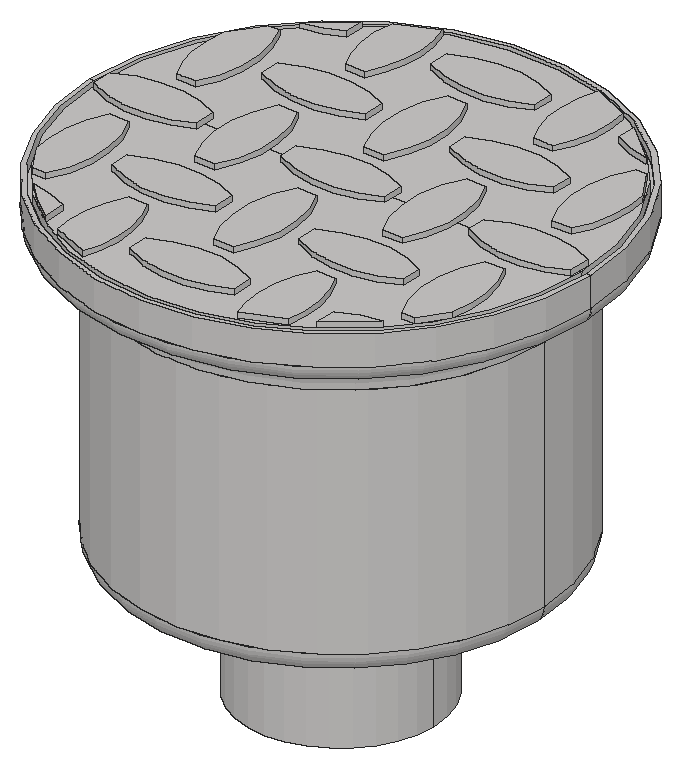
Revit family
Parameters (values of type "9646-2"")
  Width = 6"
  Waste Connection Radius = 1"
  Waste Connection Diameter = Waste Connection Radius * 2  # 2"
  Waste Connection = yes
  Vent Connection = no
  URL = "www.jrsmith.com"
  Price = "Prices may vary. Please consult Manufacturer Representative for most up-to-date price list."  # constant formula
  Phone Number = "416-250-5656"  # constant formula
  Omniclass Table 23 Title = "Waste Water Drains"  # constant formula
  Omniclass Table 23 Code = "23.70.50.21.24"  # constant formula
  Model = "9646-2\""
  Material = Metal-Jay R Smith-Stainless Steel
  Masterformat Title = "Sanitary Drains"  # constant formula
  Masterformat Number = "22 13 19.13"  # constant formula
  Manufacturer = "Jay R. Smith"
  Length = Width  # 6"
  Height = 5 7/8"
  HW Connection = no
  Description = "6\" Round general purpose cleanout."
  Default Elevation = 0"
  Creation Date = "31/10/2014"  # constant formula
  Created By = "Allied Technical Services"  # constant formula
  CW Connection = no
  Assembly Code = "D2030300"
  ATS URL = "http://www.atsspec.net"
Types (4): name | Waste Connection Radius | Waste Connection Diameter | Model
  (no name) | 1" | 2" | "9646-2\""
  9646-2" | 1" | 2" | "9646-2\""
  9646-3" | 1 1/2" | 3" | "9646-3\""
  9646-4" | 2" | 4" | "9646-4\""
Reference planes (in)
  plane 1 "Center (Front/Back)": y = 0
  plane 2: z = 0
  plane 3 "Center (Left/Right)": x = 0
  plane 4: x = -3
  plane 5: x = 3
  plane 6: z = 1.5
  plane 7: x = -1
  plane 8: x = 1
  plane 9: z = 5.5625
  plane 10: z = 5.5
  plane 11: x = 0
Forms (in)
  Revolve 1, solid, material "Metal-Jay R Smith-Stainless Steel" <- "Material"
    sketch origin (0, 0, 0) x (1, 0, 0) y (0, 0, 1)
      loop
        line (-3, 5.5) -> (-3, 5.14194)
        arc (-3, 5.14194) -> (-2.93828, 4.99293) -> (-2.78926, 4.9312) r 0.21074
        arc (-2.78926, 4.9312) -> (-2.54619, 4.83052) -> (-2.44551, 4.58745) r 0.34375
        line (-2.44551, 4.58745) -> (-2.44551, 1.75)
        arc (-2.44551, 1.75) -> (-2.37228, 1.57322) -> (-2.19551, 1.5) r 0.25
        line (-2.19551, 1.5) -> (-1.125, 1.5) -> (-1.125, 0) -> (-1, 0) -> (-1, 5.16937) -> (0, 5.16937) -> (0, 5.5) -> (-2.89532, 5.5) -> (-2.89532, 5.37888) -> (-2.94775, 5.37888) -> (-2.94775, 5.5) -> (-3, 5.5)
      axis (0, 5.5) -> (0, 0)
    angle from 0 to 360
  Extrusion 2, solid, material "Metal-Jay R Smith-Stainless Steel" <- "Material"
    sketch origin (-10.3649, -9.98959, -0.375) x (1, 0, 0) y (0, 1, 0)
      loop
        arc (10.4821, 10.49267) -> (10.6469, 11.11767) -> (10.4821, 11.74267) r 1.26755
        line (10.4821, 11.74267) -> (10.2477, 11.74267)
        arc (10.2477, 11.74267) -> (10.0829, 11.11767) -> (10.2477, 10.49267) r 1.26755
        line (10.2477, 10.49267) -> (10.4821, 10.49267)
      loop
        arc (10.4821, 8.24267) -> (10.6469, 8.86767) -> (10.4821, 9.49267) r 1.26755
        line (10.4821, 9.49267) -> (10.2477, 9.49267)
        arc (10.2477, 9.49267) -> (10.0829, 8.86767) -> (10.2477, 8.24267) r 1.26755
        line (10.2477, 8.24267) -> (10.4821, 8.24267)
      loop
        arc (9.3571, 9.36767) -> (9.5219, 9.99267) -> (9.3571, 10.61767) r 1.26755
        line (9.3571, 10.61767) -> (9.1227, 10.61767)
        arc (9.1227, 10.61767) -> (8.9579, 9.99267) -> (9.1227, 9.36767) r 1.26755
        line (9.1227, 9.36767) -> (9.3571, 9.36767)
      loop
        arc (9.35097, 11.61813) -> (9.51197, 12.14695) -> (9.43253, 12.694) r 1.26733
        arc (9.43253, 12.694) -> (9.20357, 12.60467) -> (8.98302, 12.49622) r 2.89154
        arc (8.98302, 12.49622) -> (8.97347, 12.04452) -> (9.12288, 11.61813) r 1.26812
        line (9.12288, 11.61813) -> (9.35097, 11.61813)
      loop
        arc (8.2321, 8.24267) -> (8.3969, 8.86767) -> (8.2321, 9.49267) r 1.26755
        line (8.2321, 9.49267) -> (7.9977, 9.49267)
        arc (7.9977, 9.49267) -> (7.84436, 9.03772) -> (7.87121, 8.55838) r 1.26755
        arc (7.87121, 8.55838) -> (7.96991, 8.3971) -> (8.079, 8.24267) r 2.875
        line (8.079, 8.24267) -> (8.2321, 8.24267)
      loop
        arc (8.2321, 10.49267) -> (8.3969, 11.11767) -> (8.2321, 11.74267) r 1.26755
        line (8.2321, 11.74267) -> (8.09855, 11.74267)
        arc (8.09855, 11.74267) -> (7.97452, 11.57243) -> (7.86329, 11.39358) r 2.875
        arc (7.86329, 11.39358) -> (7.84677, 10.93063) -> (7.9977, 10.49267) r 1.26755
        line (7.9977, 10.49267) -> (8.2321, 10.49267)
      loop
        line (9.7399, 12.35987) -> (9.7399, 12.12547)
        arc (9.7399, 12.12547) -> (10.3649, 11.96067) -> (10.9899, 12.12547) r 1.26755
        line (10.9899, 12.12547) -> (10.9899, 12.35987)
        arc (10.9899, 12.35987) -> (10.3649, 12.52467) -> (9.7399, 12.35987) r 1.26755
      loop
        line (8.6149, 11.23487) -> (8.6149, 11.00047)
        arc (8.6149, 11.00047) -> (9.2399, 10.83567) -> (9.8649, 11.00047) r 1.26755
        line (9.8649, 11.00047) -> (9.8649, 11.23487)
        arc (9.8649, 11.23487) -> (9.2399, 11.39967) -> (8.6149, 11.23487) r 1.26755
      loop
        line (9.7399, 10.10987) -> (9.7399, 9.87547)
        arc (9.7399, 9.87547) -> (10.3649, 9.71067) -> (10.9899, 9.87547) r 1.26755
        line (10.9899, 9.87547) -> (10.9899, 10.10987)
        arc (10.9899, 10.10987) -> (10.3649, 10.27467) -> (9.7399, 10.10987) r 1.26755
      loop
        arc (7.50291, 9.86819) -> (8.12235, 9.71069) -> (8.7399, 9.87547) r 1.26755
        line (8.7399, 9.87547) -> (8.7399, 10.10987)
        arc (8.7399, 10.10987) -> (8.12251, 10.27464) -> (7.50318, 10.11729) r 1.26755
        arc (7.50318, 10.11729) -> (7.50035, 9.99274) -> (7.50291, 9.86819) r 2.875
      loop
        line (8.6149, 8.98487) -> (8.6149, 8.75047)
        arc (8.6149, 8.75047) -> (9.2399, 8.58567) -> (9.8649, 8.75047) r 1.26755
        line (9.8649, 8.75047) -> (9.8649, 8.98487)
        arc (9.8649, 8.98487) -> (9.2399, 9.14967) -> (8.6149, 8.98487) r 1.26755
      loop
        line (9.7399, 7.85987) -> (9.7399, 7.62547)
        arc (9.7399, 7.62547) -> (10.3649, 7.46067) -> (10.9899, 7.62547) r 1.26755
        line (10.9899, 7.62547) -> (10.9899, 7.85987)
        arc (10.9899, 7.85987) -> (10.3649, 8.02467) -> (9.7399, 7.85987) r 1.26755
      loop
        line (9.35097, 8.3672) -> (9.12288, 8.3672)
        arc (9.12288, 8.3672) -> (8.97347, 7.94081) -> (8.98302, 7.48911) r 1.26812
        arc (8.98302, 7.48911) -> (9.20357, 7.38066) -> (9.43253, 7.29133) r 2.89154
        arc (9.43253, 7.29133) -> (9.51197, 7.83838) -> (9.35097, 8.3672) r 1.26733
      loop
        arc (8.7399, 12.34756) -> (8.50788, 12.17174) -> (8.29472, 11.97349) r 2.89154
        arc (8.29472, 11.97349) -> (8.52442, 12.02864) -> (8.7399, 12.12547) r 1.26755
        line (8.7399, 12.12547) -> (8.7399, 12.34756)
      loop
        arc (8.7399, 7.85987) -> (8.51287, 7.96057) -> (8.27056, 8.01507) r 1.26755
        arc (8.27056, 8.01507) -> (8.4943, 7.8001) -> (8.7399, 7.61049) r 2.875
        line (8.7399, 7.61049) -> (8.7399, 7.85987)
      loop
        line (11.3727, 9.36767) -> (11.6071, 9.36767)
        arc (11.6071, 9.36767) -> (11.7719, 9.99267) -> (11.6071, 10.61767) r 1.26755
        line (11.6071, 10.61767) -> (11.3727, 10.61767)
        arc (11.3727, 10.61767) -> (11.2079, 9.99267) -> (11.3727, 9.36767) r 1.26755
      loop
        line (11.37882, 11.61813) -> (11.60692, 11.61813)
        arc (11.60692, 11.61813) -> (11.75633, 12.04452) -> (11.74678, 12.49622) r 1.26812
        arc (11.74678, 12.49622) -> (11.52623, 12.60467) -> (11.29726, 12.694) r 2.89154
        arc (11.29726, 12.694) -> (11.21783, 12.14695) -> (11.37882, 11.61813) r 1.26733
      loop
        line (12.4977, 8.24267) -> (12.65079, 8.24267)
        arc (12.65079, 8.24267) -> (12.75988, 8.3971) -> (12.85859, 8.55838) r 2.875
        arc (12.85859, 8.55838) -> (12.88544, 9.03772) -> (12.7321, 9.49267) r 1.26755
        line (12.7321, 9.49267) -> (12.4977, 9.49267)
        arc (12.4977, 9.49267) -> (12.3329, 8.86767) -> (12.4977, 8.24267) r 1.26755
      loop
        line (12.4977, 10.49267) -> (12.7321, 10.49267)
        arc (12.7321, 10.49267) -> (12.88302, 10.93063) -> (12.8665, 11.39358) r 1.26755
        arc (12.8665, 11.39358) -> (12.75527, 11.57243) -> (12.63125, 11.74267) r 2.875
        line (12.63125, 11.74267) -> (12.4977, 11.74267)
        arc (12.4977, 11.74267) -> (12.3329, 11.11767) -> (12.4977, 10.49267) r 1.26755
      loop
        arc (12.1149, 11.23487) -> (11.4899, 11.39967) -> (10.8649, 11.23487) r 1.26755
        line (10.8649, 11.23487) -> (10.8649, 11.00047)
        arc (10.8649, 11.00047) -> (11.4899, 10.83567) -> (12.1149, 11.00047) r 1.26755
        line (12.1149, 11.00047) -> (12.1149, 11.23487)
      loop
        arc (13.22689, 9.86819) -> (13.22945, 9.99274) -> (13.22661, 10.11729) r 2.875
        arc (13.22661, 10.11729) -> (12.60729, 10.27464) -> (11.9899, 10.10987) r 1.26755
        line (11.9899, 10.10987) -> (11.9899, 9.87547)
        arc (11.9899, 9.87547) -> (12.60745, 9.71069) -> (13.22689, 9.86819) r 1.26755
      loop
        arc (12.1149, 8.98487) -> (11.4899, 9.14967) -> (10.8649, 8.98487) r 1.26755
        line (10.8649, 8.98487) -> (10.8649, 8.75047)
        arc (10.8649, 8.75047) -> (11.4899, 8.58567) -> (12.1149, 8.75047) r 1.26755
        line (12.1149, 8.75047) -> (12.1149, 8.98487)
      loop
        arc (11.37882, 8.3672) -> (11.21783, 7.83838) -> (11.29726, 7.29133) r 1.26733
        arc (11.29726, 7.29133) -> (11.52623, 7.38066) -> (11.74678, 7.48911) r 2.89154
        arc (11.74678, 7.48911) -> (11.75633, 7.94081) -> (11.60692, 8.3672) r 1.26812
        line (11.60692, 8.3672) -> (11.37882, 8.3672)
      loop
        line (11.9899, 12.34756) -> (11.9899, 12.12547)
        arc (11.9899, 12.12547) -> (12.20538, 12.02864) -> (12.43508, 11.97349) r 1.26755
        arc (12.43508, 11.97349) -> (12.22192, 12.17174) -> (11.9899, 12.34756) r 2.89154
      loop
        line (11.9899, 7.85987) -> (11.9899, 7.61049)
        arc (11.9899, 7.61049) -> (12.2355, 7.8001) -> (12.45924, 8.01507) r 2.875
        arc (12.45924, 8.01507) -> (12.21693, 7.96057) -> (11.9899, 7.85987) r 1.26755
    from 5.875 to 5.9375
Dimensions and locks (in)
  "Waste Connection Diameter": plane 8 to plane 7
  plane 6 to level = 1 1/2"
  equal spacing: plane 8, plane 3 "Center (Left/Right)", plane 7
  locked: plane 7 to Revolve 1 sketch curve at 0.125
  locked: Revolve 1 sketch curve to plane 4 at 0.55449
  "Width": plane 5 to plane 4
  locked: Revolve 1 sketch curve to plane 4 at 0.80449
  aligned and locked: plane 7 to Revolve 1 sketch curve
Automatic sketch dimensions
  Revolve 1 sketch curve to plane 4 = 0"
  Revolve 1 sketch curve to plane 10 = 0"  (x2)
  Revolve 1 sketch curve to plane 6 = 0"
  Revolve 1 sketch curve to plane 3 "Center (Left/Right)" = 0"  (x2)
  Revolve 1 sketch curve to level = 0"
  plane 4 to Revolve 1 sketch curve = 0.05225"
  Revolve 1 sketch curve to Revolve 1 sketch curve = 0.05243"
  plane 4 to Revolve 1 sketch curve = 0.21074"
  Revolve 1 sketch curve to level = 2 1/2"
  Revolve 1 sketch curve to Revolve 1 sketch curve = 0.64812"
  Revolve 1 sketch curve to plane 10 = 0.91255"
  Revolve 1 sketch curve to Revolve 1 sketch curve = 0"
  Revolve 1 sketch curve to plane 10 = 0.33063"
  Revolve 1 sketch curve to plane 10 = 0.12112"
  Extrusion 2 sketch curve to Extrusion 2 sketch curve = 0"  (x15)
  plane 1 "Center (Front/Back)" to Extrusion 2 sketch curve = 0"  (x2)
  Extrusion 2 sketch curve to plane 11 = 0"  (x6)
  plane 11 to Extrusion 2 sketch curve = 0.00317"  (x2)
  plane 11 to Extrusion 2 sketch curve = 0.00624"
  plane 11 to Extrusion 2 sketch curve = 0.00654"
  plane 11 to Extrusion 2 sketch curve = 0.01045"
  plane 11 to Extrusion 2 sketch curve = 15/128"  (x4)
  plane 11 to Extrusion 2 sketch curve = 0.1391"  (x2)
  Extrusion 2 sketch curve to plane 1 "Center (Front/Back)" = 0.00307"  (x2)
  Extrusion 2 sketch curve to Extrusion 2 sketch curve = 0.129"  (x2)
  plane 11 to Extrusion 2 sketch curve = 1/2"  (x2)
  Extrusion 2 sketch curve to Extrusion 2 sketch curve = 0.4859"  (x4)
  plane 1 "Center (Front/Back)" to Extrusion 2 sketch curve = 0.11413"  (x3)
  Extrusion 2 sketch curve to Extrusion 2 sketch curve = 0.48555"  (x18)
  Extrusion 2 sketch curve to Extrusion 2 sketch curve = 0.30737"  (x4)
  Extrusion 2 sketch curve to Extrusion 2 sketch curve = 0.02225"  (x14)
  Extrusion 2 sketch curve to Extrusion 2 sketch curve = 0.02838"  (x4)
  Extrusion 2 sketch curve to Extrusion 2 sketch curve = 0.11108"  (x4)
  Extrusion 2 sketch curve to plane 1 "Center (Front/Back)" = 0.14252"  (x2)
  Extrusion 2 sketch curve to Extrusion 2 sketch curve = 15/128"  (x7)
  plane 1 "Center (Front/Back)" to Extrusion 2 sketch curve = 0.13638"  (x2)
  Extrusion 2 sketch curve to Extrusion 2 sketch curve = 0.22809"  (x4)
  Extrusion 2 sketch curve to Extrusion 2 sketch curve = 0.2344"  (x14)
  Extrusion 2 sketch curve to Extrusion 2 sketch curve = 0.2789"  (x6)
  Extrusion 2 sketch curve to Extrusion 2 sketch curve = 0.25688"  (x4)
  Extrusion 2 sketch curve to plane 1 "Center (Front/Back)" = 0.12027"  (x3)
  Extrusion 2 sketch curve to Extrusion 2 sketch curve = 1/2"  (x2)
  Extrusion 2 sketch curve to Extrusion 2 sketch curve = 0.24312"  (x4)
  Extrusion 2 sketch curve to Extrusion 2 sketch curve = 0.44518"  (x2)
  Extrusion 2 sketch curve to Extrusion 2 sketch curve = 0.46934"  (x2)
  Extrusion 2 sketch curve to Extrusion 2 sketch curve = 0.04646"  (x2)
  Extrusion 2 sketch curve to Extrusion 2 sketch curve = 0.0223"  (x2)
  Extrusion 2 sketch curve to Extrusion 2 sketch curve = 0.06262"  (x2)
  Extrusion 2 sketch curve to Extrusion 2 sketch curve = 0.03846"  (x2)
  Extrusion 2 sketch curve to Extrusion 2 sketch curve = 0.13336"  (x4)
  Extrusion 2 sketch curve to Extrusion 2 sketch curve = 0.13355"  (x2)
  Extrusion 2 sketch curve to Extrusion 2 sketch curve = 0.1531"  (x2)
  Extrusion 2 sketch curve to Extrusion 2 sketch curve = 0.20779"  (x2)
  Extrusion 2 sketch curve to Extrusion 2 sketch curve = 0.23526"  (x2)
  Extrusion 2 sketch curve to plane 1 "Center (Front/Back)" = 0.1277"  (x2)
  Extrusion 2 sketch curve to Extrusion 2 sketch curve = 0.49452"  (x2)
  plane 1 "Center (Front/Back)" to Extrusion 2 sketch curve = 0.1214"  (x2)
  Extrusion 2 sketch curve to Extrusion 2 sketch curve = 0.00027"
  Extrusion 2 sketch curve to Extrusion 2 sketch curve = 0.73394"  (x2)
  Extrusion 2 sketch curve to Extrusion 2 sketch curve = 0.74186"  (x2)
  Extrusion 2 sketch curve to plane 11 = 0.00317"  (x2)
  Extrusion 2 sketch curve to plane 11 = 0.00624"
  Extrusion 2 sketch curve to plane 11 = 0.00654"
  Extrusion 2 sketch curve to plane 11 = 15/128"  (x4)
  Extrusion 2 sketch curve to plane 11 = 0.1391"  (x2)
  Extrusion 2 sketch curve to plane 11 = 1/2"  (x2)
  Extrusion 2 sketch curve to Extrusion 2 sketch curve = 0.8906"
  Extrusion 2 sketch curve to Extrusion 2 sketch curve = 0.13945"  (x4)
  Extrusion 2 sketch curve to Extrusion 2 sketch curve = 0.44874"  (x2)
  Extrusion 2 sketch curve to Extrusion 2 sketch curve = 0.50047"  (x4)
  Extrusion 2 sketch curve to Extrusion 2 sketch curve = 0.22759"  (x2)
  Extrusion 2 sketch curve to Extrusion 2 sketch curve = 0.48508"  (x4)
  Extrusion 2 sketch curve to Extrusion 2 sketch curve = 0.24937"  (x2)
  Extrusion 2 sketch curve to Extrusion 2 sketch curve = 0.27249"  (x2)
  Extrusion 2 sketch curve to Extrusion 2 sketch curve = 0.11852"
  Extrusion 2 sketch curve to Extrusion 2 sketch curve = 0.98422"
  Extrusion 2 sketch curve to Extrusion 2 sketch curve = 0.01972"
  Extrusion 2 sketch curve to Extrusion 2 sketch curve = 0.00774"  (x2)
  Extrusion 2 sketch curve to Extrusion 2 sketch curve = 0.46532"
  Extrusion 2 sketch curve to Extrusion 2 sketch curve = 0.23082"  (x2)
  Extrusion 2 sketch curve to Extrusion 2 sketch curve = 0.2221"  (x2)
  Extrusion 2 sketch curve to Extrusion 2 sketch curve = 0.26927"  (x2)
  Extrusion 2 sketch curve to Extrusion 2 sketch curve = 0.98423"
Connectors (in)
  piping at (0, 0, 0), driven by "Waste Connection Radius"
    settings: on Revolve 1, index 1
